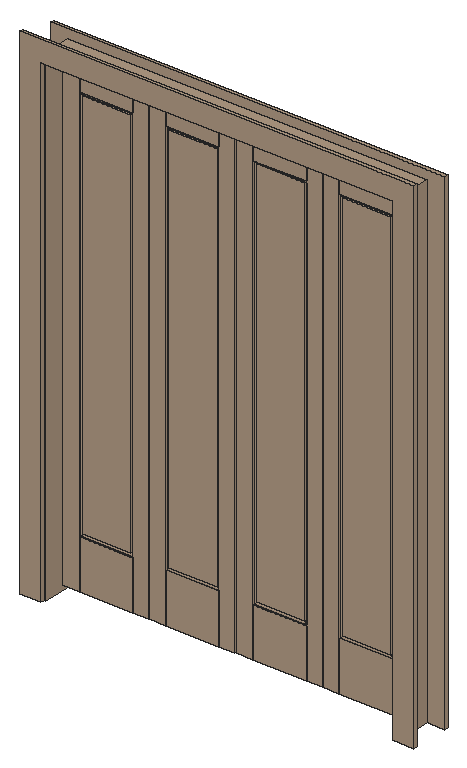
Revit family "SlidingDoor", category Doors, host Wall, Revit 2021
Family settings
  Host = Wall
  OmniClass Number = 23.30.10.17.17.24
  OmniClass Title = Bifold Doors
  Always vertical = Yes
  Cut with Voids When Loaded = No
  Shared = No
  Room Calculation Point = No
Parameters (values of type "Not A Type - Load Type Catalog")
  Youtube clip = ""
  Warranty URL = "http://www.karonadoor.com/pdf/literature/Warranty_.pdf"
  Warranty = "Limited lifetime warranty on all interior doors."  # constant formula
  Visual Light Transmittance = 0
  Uniformat II Description = ""
  Uniformat II Code = ""
  Uniclass 2015 Name = "Doorsets"
  Uniclass 2015 Code = "Pr_30_59_24"
  Uniclass 2.0 Description = "Doorsets"
  Uniclass 2.0 Code = "PR-59-23"
  Uniclass 1.4 Description = "Doors"
  Uniclass 1.4 Code = "JL20"
  URL = "http://www.karonadoor.com/"
  UNSPSC Code = "30171511"
  Trim Width = Trim Offset + Jamb Thickness - Trim Reveal  # 0.092869 m
  Trim Visible = yes
  Trim Reveal = 0.00635 m  # constant formula
  Trim Offset 2 = 0.0381 m + Jamb Thickness - Trim Reveal  # 0.054769 m
  Trim Offset = 0.0762 m
  Trim Material = Wood - Karona - Red Oak
  Top Rail Material = Wood - Karona - Red Oak
  Top Rail Height = 0.0762 m
  Thermal Resistance (R) = 2.1740 (h·ft²·°F)/BTU
  Technical description = "http://www.karonadoor.com/pdf/Architectural.Guide.pdf"
  Support Email = "mailto:bimsupport@jeldwen.com"
  Stile Width = 0.070637 m
  Stile Material = Wood - Karona - Red Oak
  Sticking Offset = if(Square Sticking Profile, 0.00 m, 0.011113 m)  # 0.011113 m
  Sticking Material = Wood - Karona - Red Oak
  Square Sticking Profile = no
  Solar Heat Gain Coefficient = 0
  Slab Width = (Width - 0.023813 m) / 4  # 0.375047 m
  Region South America = "None"
  Region Oceania = "None"
  Region North America = "CA, US"
  Region Middle East = "None"
  Region Europe = "None"
  Region Asia = "None"
  Region Antarctica = "None"
  Region Africa = "None"
  Raised Panel Offset = if(Square Sticking Profile, 0.030163 m, 0.041275 m)  # 0.041275 m
  Raised Panel Door = yes
  QR code = "http://bimobject.com/karona/product/K1020"
  Product url = ""
  Product group = "Panel Doors"
  Product family = "Commercial Products"
  Product data url = "https://bimobject.com/karona/product/K1020"
  Product certification = ""
  Product SKU = "K1020"
  Product Guid = "a243a0c5-d66c-4328-b293-24f8d74b3ef9"
  Pivot Inset 2 = Jamb Offset + Pivot Inset  # 0.086519 m
  Pivot Inset = 0.05715 m
  Panel Half Thickness = Thickness / 2  # 0.022523 m
  Ovolo Sticking Profile = yes
  Operation = "Swing"
  OmniClass Description = "Wood Doors"
  OmniClass Code = "23-17 11 15"
  Ogee Sticking Profile = no
  NBS Reference Description = "Doorsets"
  NBS Reference Code = "59-23"
  Mullion Width = 0.092075 m  # constant formula
  Model = "K1020"  # constant formula
  Mission Sticking Profile = no
  Material secondary = ""
  Material main = "Wood"
  Masterformat 2014 Description = "Bifolding Wood Doors"
  Masterformat 2014 Code = "08 14 76"
  Manufacturer name = "Karona"
  Manufacturer country = "United States"
  Manufacturer = "Karona Door, Inc."  # constant formula
  Keynote = "08 14 76"  # constant formula
  Jamb to Door Gap = 0.00635 m  # constant formula
  Jamb Material = Wood - Karona - Red Oak
  Interior Panel = Wood - Karona - Red Oak
  Installation instructions = "http://www.karonadoor.com/printable_media.php"
  Inset = Panel Half Thickness + 0.01905 m  # 0.041573 m
  IFC Classification = "Door"
  Heat Transfer Coefficient (U) = 0.4600 BTU/(h·ft²·°F)
  Green Product Information = "Available in Certified Wood, No-added Urea, & Recycled"  # constant formula
  Glass Panel Door = no
  Flat Panel Door = no
  Fire Rating Data = "http://www.karonadoor.com/pdf/literature/Fire_Door_Options.pdf"
  Fire Rating = "Available in 20, 45, 60, & 90 minute ratings."  # constant formula
  Edition number = 1
  EAN code = ""
  Door Width [instance] = 1.570037 m
  Door Panel Material = Wood - Karona - Red Oak
  Door Height [instance] = 2.128044 m
  Design country = "United States"
  Description = "Bifold Stile and Rail Wood Door"  # constant formula
  Define Thermal Properties by = Schematic Type
  Date of publishing = ""
  Construction Type = ""
  COBIe Type Category = ""
  Brand url = "http://www.karonadoor.com/"
  Bottom Rail Material = Wood - Karona - Red Oak
  Bottom Rail Height = 0.2159 m
  BIMobject main category code = "doors"
  BIMobject main category = "Doors"
  BIMobject category code = "doors-folding"
  BIMobject category = "Folding"
  Analytic Construction = "Solid core wood"
  Thickness = 0.045045 m
  Stop Thickness = 0.0127 m
  Stop Depth = 0.034925 m
  Sticking Profile Note = "Select only one sticking profile."  # constant formula
  Sizing Statement = "Custom sizes are available."  # constant formula
  Rough Width = Width + 2 * Jamb Thickness  # 1.570038 m
  Rough Height = Height + Jamb Thickness + 0.073025 m  # 2.128044 m
  Rabbet Width = Thickness  # 0.045045 m
  Panel Style Note = "Select only one panel style."  # constant formula
  Jamb Offset = Jamb Thickness + Jamb to Door Gap  # 0.029369 m
  Glass Options Note = "19 styles of glass are available."  # constant formula
  Function = Interior
  Jamb Thickness = 0.023019 m
  Ext. Frame Thickness = 0.015875 m
  Int. Frame Thickness = 0.015875 m
  Height = 2.032 m
  Wall Closure = By host
  Width = 1.524 m
  Fire Door Note = "Available in 20, 45, 60, & 90 minute ratings."  # constant formula
  2nd Panel Spacing = Slab Width / 2 + Panel Half Thickness  # 0.210046 m
Types (4, lengths in m): name | Slab Width | Rough Width | Width | 2nd Panel Spacing
  Not A Type - Load Type Catalog | 0.375047 | 1.570038 | 1.524 | 0.210046
  Not A Type - Load Type Catalog 4 | 0.244047 | 1.046037 | 1.00 | 0.144546
  Not A Type - Load Type Catalog 3 | 0.344047 | 1.446037 | 1.40 | 0.194546
  Not A Type - Load Type Catalog 2 | 0.294047 | 1.246037 | 1.20 | 0.169546
Reference planes (m)
  plane 1 "Center (Front/Back)": y = 0
  plane 2 "Center (Left/Right)": x = 0
  plane 3 "Left": x = -0.785019
  plane 4 "Right": x = 0.785019
  plane 5 "Top": z = 2.128044
  plane 6 "Exterior": y = 0.0762
  plane 7 "Interior": y = -0.0762
  plane 8: y = 0.034627
  plane 9: x = 0.6985
  plane 10: x = -0.6985
  plane 11: x = 0.003175
  plane 12: x = -0.003175
  plane 13: y = 0.012105
  plane 14 "Door Panel Bottom": z = 0.0254
Forms (m)
  Extrusion 1, solid, material "Wood - Karona - Red Oak" <- "Trim Material", visible <- "Trim Visible"
    sketch origin (-2.286, 0.0762, 0) x (-1, 0, 0) y (0, 0, 1)
      loop
        line (-3.147219, 0) -> (-3.05435, 0) -> (-3.05435, 2.073275) -> (-1.51765, 2.073275) -> (-1.51765, 0) -> (-1.424781, 0) -> (-1.424781, 2.166144) -> (-3.147219, 2.166144) -> (-3.147219, 0)
    from 0 to 0.015875
  Extrusion 2, solid, material "Wood - Karona - Red Oak" <- "Trim Material", visible <- "Trim Visible"
    sketch origin (-2.286, -0.0762, 0) x (1, 0, 0) y (0, 0, 1)
      loop
        line (1.424781, 0) -> (1.51765, 0) -> (1.51765, 2.111375) -> (3.05435, 2.111375) -> (3.05435, 0) -> (3.147219, 0) -> (3.147219, 2.204244) -> (1.424781, 2.204244) -> (1.424781, 0)
    from 0 to 0.015875
  Sweep 3, solid, material "Wood - Karona - Red Oak" <- "Jamb Material"
    path origin (-1.524, 0, 0) x (-1, 0, 0) y (0, 0, 1)
      loop
        line (-2.309019, 0) -> (-2.309019, 2.128044) -> (-0.738981, 2.128044) -> (-0.738981, 0)
    profile origin (0.785019, 0, 1.064022) x (1, 0, 0) y (0, 1, 0)
      loop
        line (0, 0.0762) -> (-0.023019, 0.0762) -> (-0.023019, 0.03512) -> (-0.023019, -0.0762) -> (0, -0.0762) -> (0, 0.0762)
  Extrusion 4, solid, material "Wood - Karona - Red Oak" <- "Trim Material"
    sketch origin (0, 0, 0) x (0, 1, 0) y (0, 0, 1)
      loop
        line (0.0762, 2.105025) -> (0.05715, 2.105025) -> (0.05715, 2.066925) -> (0.0762, 2.066925) -> (0.0762, 2.105025)
    from -0.762 to 0.762
Lines and regions (m)
  Opening 1
    outline origin (-2.286, -0.0762, 0) x (1, 0, 0) y (0, 0, 1)
      loop
        line (1.500981, 0) -> (3.071019, 0) -> (3.071019, 2.128044) -> (1.500981, 2.128044) -> (1.500981, 0)
  Masking region 1, detail levels coarse
    outline origin (0, 0, 0) x (1, 0, 0) y (0, 1, 0)
      loop
        line (-0.785019, 0.0762) -> (-0.785019, -0.0762) -> (-0.762, -0.0762) -> (-0.762, 0.0762) -> (-0.785019, 0.0762)
      loop
        line (0.785019, 0.0762) -> (0.762, 0.0762) -> (0.762, -0.0762) -> (0.785019, -0.0762) -> (0.785019, 0.0762)
  Masking region 2, visible <- "Trim Visible", detail levels medium+fine
    outline origin (0, 0, 0) x (1, 0, 0) y (0, 1, 0)
      loop
        line (-0.861219, -0.0762) -> (-0.861219, -0.092075) -> (-0.76835, -0.092075) -> (-0.76835, -0.0762) -> (-0.861219, -0.0762)
      loop
        line (0.76835, 0.092075) -> (0.76835, 0.0762) -> (0.861219, 0.0762) -> (0.861219, 0.092075) -> (0.76835, 0.092075)
      loop
        line (0.76835, -0.0762) -> (0.76835, -0.092075) -> (0.861219, -0.092075) -> (0.861219, -0.0762) -> (0.76835, -0.0762)
      loop
        line (-0.861219, 0.092075) -> (-0.861219, 0.0762) -> (-0.76835, 0.0762) -> (-0.76835, 0.092075) -> (-0.861219, 0.092075)
  Masking region 3, detail levels medium+fine
    outline origin (-0.001191, 0, 0) x (1, 0, 0) y (0, 1, 0)
      loop
        line (0.763191, 0.0762) -> (0.763191, 0.012714) -> (0.763191, -0.0762) -> (0.786209, -0.0762) -> (0.786209, 0.0762) -> (0.763191, 0.0762)
      loop
        line (-0.783828, 0.0762) -> (-0.783828, -0.0762) -> (-0.760809, -0.0762) -> (-0.760809, 0.012398) -> (-0.760809, 0.0762) -> (-0.783828, 0.0762)
  Masking region 4, visible <- "Trim Visible"
    outline origin (0, 0, 0) x (1, 0, 0) y (0, 0, 1)
      loop
        line (0.861219, 0) -> (0.861219, 2.166144) -> (-0.861219, 2.166144) -> (-0.861219, 0) -> (-0.76835, 0) -> (-0.76835, 2.073275) -> (0.76835, 2.073275) -> (0.76835, 0) -> (0.861219, 0)
  Masking region 5
    outline origin (-1.524, 0, 0) x (-1, 0, 0) y (0, 0, 1)
      loop
        line (-2.29235, 2.073275) -> (-2.29235, 0) -> (-0.75565, 0) -> (-0.75565, 2.073275) -> (-2.29235, 2.073275)
  reference lines, not visible
    curve 1: line (0.887376, 0, 2.114029) -> (-0.974762, 0, 2.114029)
    curve 19: line (-0.6985, 0.034627, 0) -> (-0.505424, 0.227703, 0)
    curve 21: line (0.590737, 0.14239, 0) -> (0.6985, 0.034627, 0)
  symbolic lines, detail levels fine
    curve 2: line (0.75565, -0.0762, 0) -> (0.75565, -0.0762, 2.0574)
    curve 3: line (0.75565, -0.0762, 2.0574) -> (-0.75565, -0.0762, 2.0574)
    curve 4: line (-0.75565, -0.0762, 2.0574) -> (-0.75565, -0.0762, 0)
    curve 9: line (0.462366, 0, 0.252425) -> (0.462366, 0, 1.970075)
    curve 10: line (0.673887, 0, 0.252425) -> (0.462366, 0, 0.252425)
    curve 12: line (0.462366, 0, 1.970075) -> (0.673887, 0, 1.970075)
    curve 13: line (0.673887, 0, 1.970075) -> (0.673887, 0, 0.252425)
    curve 27: line (0.084938, 0, 0.252425) -> (0.084938, 0, 1.970075)
    curve 28: line (0.296459, 0, 0.252425) -> (0.084938, 0, 0.252425)
    curve 30: line (0.084938, 0, 1.970075) -> (0.296459, 0, 1.970075)
    curve 31: line (0.296459, 0, 1.970075) -> (0.296459, 0, 0.252425)
    curve 39: line (-0.296459, 0, 0.252425) -> (-0.296459, 0, 1.970075)
    curve 40: line (-0.084938, 0, 0.252425) -> (-0.296459, 0, 0.252425)
    curve 42: line (-0.296459, 0, 1.970075) -> (-0.084938, 0, 1.970075)
    curve 43: line (-0.084938, 0, 1.970075) -> (-0.084938, 0, 0.252425)
    curve 51: line (-0.673887, 0, 0.252425) -> (-0.673887, 0, 1.970075)
    curve 52: line (-0.462366, 0, 0.252425) -> (-0.673887, 0, 0.252425)
    curve 54: line (-0.673887, 0, 1.970075) -> (-0.462366, 0, 1.970075)
    curve 55: line (-0.462366, 0, 1.970075) -> (-0.462366, 0, 0.252425)
    curve 59: line (0.378222, -0.0762, 0.0254) -> (0.378222, -0.0762, 2.0574)
    curve 60: line (-0.378222, -0.0762, 0.0254) -> (-0.378222, -0.0762, 2.0574)
    curve 61: line (0, -0.0762, 0.0254) -> (0, -0.0762, 2.0574)
    curve 62: line (0.75565, -0.0762, 0.0254) -> (-0.75565, -0.0762, 0.0254)
  symbolic lines
    curve 5: line (0.451241, 0, 0.2413) -> (0.451241, 0, 1.9812)
    curve 6: line (0.685013, 0, 0.2413) -> (0.451241, 0, 0.2413)
    curve 11: line (0.685013, 0, 1.9812) -> (0.451241, 0, 1.9812)
    curve 22: line (0.685013, 0, 1.9812) -> (0.685013, 0, 0.2413)
    curve 23: line (0.073812, 0, 0.2413) -> (0.073812, 0, 1.9812)
    curve 24: line (0.307584, 0, 0.2413) -> (0.073812, 0, 0.2413)
    curve 29: line (0.307584, 0, 1.9812) -> (0.073812, 0, 1.9812)
    curve 34: line (0.307584, 0, 1.9812) -> (0.307584, 0, 0.2413)
    curve 35: line (-0.307584, 0, 0.2413) -> (-0.307584, 0, 1.9812)
    curve 36: line (-0.073812, 0, 0.2413) -> (-0.307584, 0, 0.2413)
    curve 41: line (-0.073812, 0, 1.9812) -> (-0.307584, 0, 1.9812)
    curve 46: line (-0.073812, 0, 1.9812) -> (-0.073812, 0, 0.2413)
    curve 47: line (-0.685013, 0, 0.2413) -> (-0.685013, 0, 1.9812)
    curve 48: line (-0.451241, 0, 0.2413) -> (-0.685013, 0, 0.2413)
    curve 53: line (-0.451241, 0, 1.9812) -> (-0.685013, 0, 1.9812)
    curve 58: line (-0.451241, 0, 1.9812) -> (-0.451241, 0, 0.2413)
  symbolic lines, visible <- "Raised Panel Door", detail levels medium+fine
    curve 7: line (0.491675, 0, 0.281734) -> (0.491675, 0, 1.940766)
    curve 8: line (0.644578, 0, 0.281734) -> (0.491675, 0, 0.281734)
    curve 14: line (0.491675, 0, 1.940766) -> (0.644578, 0, 1.940766)
    curve 15: line (0.644578, 0, 1.940766) -> (0.644578, 0, 0.281734)
    curve 25: line (0.114247, 0, 0.281734) -> (0.114247, 0, 1.940766)
    curve 26: line (0.26715, 0, 0.281734) -> (0.114247, 0, 0.281734)
    curve 32: line (0.114247, 0, 1.940766) -> (0.26715, 0, 1.940766)
    curve 33: line (0.26715, 0, 1.940766) -> (0.26715, 0, 0.281734)
    curve 37: line (-0.26715, 0, 0.281734) -> (-0.26715, 0, 1.940766)
    curve 38: line (-0.114247, 0, 0.281734) -> (-0.26715, 0, 0.281734)
    curve 44: line (-0.26715, 0, 1.940766) -> (-0.114247, 0, 1.940766)
    curve 45: line (-0.114247, 0, 1.940766) -> (-0.114247, 0, 0.281734)
    curve 49: line (-0.644578, 0, 0.281734) -> (-0.644578, 0, 1.940766)
    curve 50: line (-0.491675, 0, 0.281734) -> (-0.644578, 0, 0.281734)
    curve 56: line (-0.644578, 0, 1.940766) -> (-0.491675, 0, 1.940766)
    curve 57: line (-0.491675, 0, 1.940766) -> (-0.491675, 0, 0.281734)
  reference lines
    curve 16: line (0, -0.699573, 0) -> (0, -0.663556, 0)
    curve 17: line (0, -0.699573, 0) -> (0, -0.663556, 0)
    curve 18: line (-0.708793, 0.069595, 2.128044) -> (-0.708793, 0.006095, 2.128044)
    curve 20: line (1.0414, -0.420173, 0) -> (1.0414, -0.384156, 0)
    curve 66: line (-0.785019, 0.0762, 2.128044) -> (-0.785019, -0.7958, 2.128044)
    curve 67: line (-0.785019, 0.0762, 2.128044) -> (-0.785019, -0.8538, 2.128044)
    curve 68: line (-0.785019, 0, 2.128044) -> (0.785019, 0, 2.128044)
    curve 69: line (-0.861219, 0, 2.166144) -> (-0.861219, 0, -0.189856)
    curve 70: line (-0.861219, 0, -0.189856) -> (-0.861219, 0, 2.554144)
  symbolic lines, detail levels coarse+medium
    curve 63: line (0.378222, 0, 2.073275) -> (0.378222, 0, 0)
    curve 64: line (0, 0, 2.073275) -> (0, 0, 0)
    curve 65: line (-0.378222, 0, 2.073275) -> (-0.378222, 0, 0)
Text (m)
  text "Exterior" at (-1.90417, 0.693701, 0), in view "Ref. Level"
  text "Interior" at (-1.90417, -0.638649, 0), in view "Ref. Level"
  text "Exterior" at (0, 1.019848, 3.124603), in view "Right"
  text "Interior" at (0, -1.635541, 3.124603), in view "Right"
  text "Interior" at (0, -0.787806, 3.124376), in view "Left"
  text "Exterior" at (0, 1.386095, 3.124376), in view "Left"
Dimensions and locks (m)
  equal spacing: plane 3 "Left", plane 2 "Center (Left/Right)", plane 4 "Right"
  "Door Height": level to plane 5 "Top"
  host wall to plane 5 "Top" = 2.128044 m
  "Int. Frame Thickness": Extrusion 2 to host wall
  "Ext. Frame Thickness": Extrusion 1 to host wall
  "Door Width": plane 3 "Left" to plane 4 "Right"
  "Trim Width": Extrusion 1 sketch curve to Extrusion 1 sketch curve  (x3)
  "Trim Offset": plane 3 "Left" to Extrusion 1 sketch curve
  "Trim Offset": plane 4 "Right" to Extrusion 1 sketch curve
  "Trim Width": Extrusion 2 sketch curve to Extrusion 2 sketch curve  (x3)
  "Trim Offset": plane 3 "Left" to Extrusion 2 sketch curve
  "Trim Offset": plane 4 "Right" to Extrusion 2 sketch curve
  "Jamb Thickness": Sweep 3 sketch curve to profile plane
  "Inset": plane 8 to plane 6 "Exterior"
  "Pivot Inset 2": plane 9 to plane 4 "Right"
  "Pivot Inset 2": plane 3 "Left" to plane 10
  "Width": Sweep 3 to Sweep 3
  "Panel Half Thickness": plane 8 to plane 13
  "Jamb to Door Gap": nested 2 to Sweep 3
  "Jamb to Door Gap": Sweep 3 to nested 1
  equal spacing: plane 12, plane 2 "Center (Left/Right)", plane 11, locked at 0.003175 each
  locked: plane 14 "Door Panel Bottom" to level at 0.0254
  "Trim Offset 2": plane 5 "Top" to Masking region 4 sketch curve
  "Trim Width": Masking region 4 sketch curve to Masking region 4 sketch curve
  "Trim Offset 2": Extrusion 1 sketch curve to Sweep 3
  "Trim Offset": plane 5 "Top" to Extrusion 2 sketch curve
  locked: Extrusion 4 sketch curve to Sweep 3 at 0.0381
  locked: Extrusion 4 sketch curve to Extrusion 4 sketch curve at 0.01905
  "2nd Panel Spacing": nested 7 to nested 5  (x2)
  "2nd Panel Spacing": nested 8 to nested 6
  "2nd Panel Spacing": nested 6 to nested 8
  Extrusion 1 to Extrusion 1 = 1.722437 m
  locked: plane 8 to curve 19 (angle 45.00°)
  locked: curve 21 to plane 8 (angle 45.00°)
  aligned and locked: plane 3 "Left" to Opening 1 sketch curve
  aligned and locked: plane 5 "Top" to Opening 1 sketch curve  (x2)
  aligned and locked: Opening 1 sketch curve to plane 4 "Right"
  aligned and locked: Opening 1 sketch curve to level
  aligned and locked: Extrusion 1 to host wall
  aligned and locked: Extrusion 2 to host wall
  aligned and locked: plane 6 "Exterior" to host wall
  aligned and locked: plane 7 "Interior" to host wall
  aligned and locked: level to Extrusion 1 sketch curve  (x2)
  aligned and locked: level to Extrusion 2 sketch curve  (x2)
  aligned and locked: Masking region 1 sketch curve to host wall  (x4)
  aligned and locked: host wall to Masking region 1 sketch curve  (x2)
  aligned and locked: Masking region 2 sketch curve to Extrusion 2  (x7)
  aligned and locked: Masking region 2 sketch curve to Extrusion 1  (x7)
  aligned and locked: host wall to Masking region 2 sketch curve  (x2)
  aligned and locked: Masking region 3 sketch curve to host wall
  aligned and locked: Masking region 3 sketch curve to Masking region 1  (x2)
  aligned and locked: Masking region 4 sketch curve to Extrusion 1  (x4)
  aligned and locked: Extrusion 1 to Masking region 4 sketch curve  (x2)
  aligned and locked: plane 4 "Right" to Sweep 3 sketch curve
  aligned and locked: plane 5 "Top" to Sweep 3 sketch curve
  aligned and locked: Sweep 3 sketch curve to plane 3 "Left"
  aligned and locked: Sweep 3 sketch curve to host wall
  aligned and locked: host wall to Sweep 3 sketch curve
  aligned and locked: plane 3 "Left" to Masking region 3
  aligned and locked: Sweep 3 sketch curve to plane 6 "Exterior"
  aligned and locked: Masking region 3 sketch curve to Masking region 3 sketch curve  (x2)
  aligned and locked: Masking region 3 sketch curve to plane 4 "Right"
  aligned and locked: Masking region 3 to Masking region 1  (x2)
  aligned and locked: Masking region 1 to Sweep 3
  aligned and locked: Masking region 3 to host wall
  aligned and locked: plane 3 "Left" to Masking region 1
  aligned and locked: Sweep 3 to Masking region 3
  aligned and locked: Masking region 3 to plane 4 "Right"
  aligned and locked: host wall to Masking region 3  (x3)
  aligned and locked: Masking region 3 to plane 6 "Exterior"
  aligned and locked: plane 7 "Interior" to Masking region 3
  aligned and locked: Masking region 3 to Sweep 3
  aligned and locked: nested 5 to curve 19  (x2)
  aligned and locked: plane 9 to curve 21
  aligned and locked: plane 8 to curve 21
  aligned and locked: nested 6 to curve 21  (x2)
  aligned and locked: nested 4 to plane 11
  aligned and locked: nested 3 to plane 12
  aligned and locked: plane 13 to nested 4
  aligned and locked: nested 2 to plane 13
  aligned and locked: nested 3 to plane 13
  aligned and locked: nested 3 to plane 14 "Door Panel Bottom"
  aligned and locked: plane 14 "Door Panel Bottom" to nested 4
  aligned and locked: plane 14 "Door Panel Bottom" to nested 1
  aligned and locked: Extrusion 4 sketch curve to Sweep 3
  aligned and locked: Sweep 3 to Extrusion 4 sketch curve
  aligned and locked: plane 13 to nested 1
  aligned and locked: Extrusion 4 to Sweep 3  (x2)
  aligned and locked: Extrusion 1 to Masking region 5 sketch curve
  aligned and locked: Masking region 5 to Extrusion 1
  aligned and locked: nested 2 to plane 14 "Door Panel Bottom"
  aligned and locked: curve 10 to nested 2
  aligned and locked: curve 6 to nested 2
  aligned and locked: curve 12 to nested 2
  aligned and locked: curve 9 to nested 2
  aligned and locked: nested 2 to curve 5
  aligned and locked: nested 2 to curve 22
  aligned and locked: Masking region 5 sketch curve to Extrusion 1
  aligned and locked: curve 11 to curve 29
  aligned and locked: curve 11 to curve 41
  aligned and locked: curve 11 to curve 53
  aligned and locked: curve 30 to curve 12
  aligned and locked: curve 42 to curve 12
  aligned and locked: curve 54 to curve 12
  aligned and locked: curve 32 to curve 14
  aligned and locked: curve 44 to curve 14
  aligned and locked: curve 56 to curve 14
  aligned and locked: curve 8 to curve 26
  aligned and locked: curve 8 to curve 38
  aligned and locked: curve 8 to curve 50
  aligned and locked: curve 10 to curve 28
  aligned and locked: curve 10 to curve 40
  aligned and locked: curve 10 to curve 52
  aligned and locked: curve 6 to curve 24
  aligned and locked: curve 6 to curve 36
  aligned and locked: curve 6 to curve 48
  aligned and locked: curve 31 to nested 4
  aligned and locked: curve 34 to nested 4
  aligned and locked: curve 23 to nested 4
  aligned and locked: curve 27 to nested 4
  aligned and locked: curve 46 to nested 3
  aligned and locked: curve 43 to nested 3
  aligned and locked: curve 35 to nested 3
  aligned and locked: curve 39 to nested 3
  aligned and locked: curve 58 to nested 1
  aligned and locked: curve 55 to nested 1
  aligned and locked: nested 1 to curve 47
  aligned and locked: curve 51 to nested 1
  aligned and locked: plane 14 "Door Panel Bottom" to curve 59
  aligned and locked: nested 2 to curve 3
  aligned and locked: curve 2 to nested 2
  aligned and locked: curve 4 to nested 1
  aligned and locked: curve 60 to nested 3
  aligned and locked: curve 61 to plane 2 "Center (Left/Right)"
  aligned and locked: curve 59 to nested 4
  aligned and locked: plane 14 "Door Panel Bottom" to curve 61
  aligned and locked: curve 11 to nested 2
  aligned and locked: curve 13 to nested 2
  aligned and locked: level to curve 63
  aligned and locked: Extrusion 1 to curve 63
  aligned and locked: curve 63 to curve 59
  aligned and locked: curve 64 to curve 61
  aligned and locked: curve 65 to curve 60
Automatic sketch dimensions
  plane 5 "Top" to curve 1 = 0.014015 m
  plane 3 "Left" to curve 1 = 0.189743 m
  curve 1 to plane 4 "Right" = 0.102357 m
  Sweep 3 sketch curve to level = 0.00 m  (x2)
  curve 17 to plane 2 "Center (Left/Right)" = 0.00 m  (x2)
  curve 16 to plane 2 "Center (Left/Right)" = 0.00 m  (x2)
  curve 16 to curve 17 = 0.00 m  (x2)
  curve 17 to curve 17 = 0.025467 m
  curve 16 to curve 20 = 0.908479 m
  curve 20 to curve 20 = 0.025467 m  (x2)
  curve 20 to curve 17 = 0.538815 m
  Masking region 1 sketch curve to Masking region 1 sketch curve = 0.023019 m
  plane 4 "Right" to Masking region 1 sketch curve = 0.023019 m
  Masking region 3 sketch curve to plane 3 "Left" = 0.00 m
  host wall to Masking region 3 sketch curve = 0.00 m
  Masking region 3 sketch curve to host wall = 0.00 m
  curve 19 to plane 8 = 0.00 m
  curve 19 to plane 10 = 0.00 m
  Masking region 3 sketch curve to Masking region 3 sketch curve = 0.023019 m
  Masking region 3 sketch curve to plane 8 = 0.02223 m
  Masking region 3 sketch curve to plane 8 = 0.021914 m
  Masking region 5 sketch curve to level = 0.00 m
  plane 4 "Right" to Masking region 5 sketch curve = 0.016669 m
  curve 4 to level = 0.00 m
  curve 2 to level = 0.00 m
  host wall to curve 17 = 0.623373 m
  curve 64 to level = 0.00 m
  plane 5 "Top" to curve 64 = 0.054769 m
  curve 65 to level = 0.00 m
  plane 5 "Top" to curve 65 = 0.054769 m
  curve 12 to curve 15 = 0.029309 m
  curve 14 to curve 9 = 0.029309 m
  curve 30 to curve 32 = 0.029309 m
  curve 25 to curve 27 = 0.029309 m
  curve 42 to curve 44 = 0.029309 m
  curve 37 to curve 39 = 0.029309 m
  curve 54 to curve 56 = 0.029309 m
  curve 49 to curve 51 = 0.029309 m
  curve 52 to curve 57 = 0.029309 m
  curve 7 to curve 9 = 0.029309 m
  curve 67 to host wall = 0.00 m
  curve 66 to host wall = 0.00 m
  host wall to curve 68 = 0.00 m
  curve 67 to plane 3 "Left" = 0.00 m
  curve 68 to plane 3 "Left" = 0.00 m
  curve 68 to plane 4 "Right" = 0.00 m
  curve 18 to host wall = 0.006605 m
  curve 18 to plane 13 = 0.00601 m
  host wall to curve 66 = 0.7196 m
  curve 66 to curve 67 = 0.058 m
  curve 18 to plane 10 = 0.010293 m
  plane 3 "Left" to curve 69 = 0.0762 m
  curve 69 to level = 0.189856 m
  curve 69 to plane 5 "Top" = 0.0381 m
  curve 69 to curve 70 = 0.388 m
  profile plane to Sweep 3 sketch curve = 0.03512 m
Nested families (m)
  nested 1: "Panel_K1020_Karona" at (-0.225227, 0.000916, 0.0254), type "K1020"
  nested 2: "Panel_K1020_Karona" at (0.225227, 0.000916, 0.0254) x (-1, 0, 0) z (0, 0, 1), type "K1020"
  nested 3: "Panel_K1020_Karona" at (-0.533598, 0.000916, 0.0254) x (-1, 0, 0) z (0, 0, 1), type "K1020"
  nested 4: "Panel_K1020_Karona" at (0.533598, 0.000916, 0.0254), type "K1020"
  nested 5: "Standard Millwork-Section" at (-0.754837, 0.010142, 0) x (0.7071, -0.7071, 0) z (0, 0, 1), type "1x10"
  nested 6: "Standard Millwork-Section" at (0.754837, 0.010142, 0) x (-0.7071, -0.7071, 0) z (0, 0, 1), type "1x10"
  nested 7: "Standard Millwork-Section" at (-0.425935, 0.27534, 0) x (-0.7071, -0.7071, 0) z (0, 0, 1), type "1x10"
  nested 8: "Standard Millwork-Section" at (0.425935, 0.27534, 0) x (0.7071, -0.7071, 0) z (0, 0, 1), type "1x10"
Definition of nested family "Panel_K1020_Karona"
  Parameters (values of type "K1020")
    Width = 0.375047 m
    Top Rail Material = none
    Top Rail Height = 0.0762 m  # constant formula
    Top Panel Offset = 0.377825 m
    Thickness = 0.045045 m
    Stile Width = 0.070637 m  # constant formula
    Stile Material = none
    Sticking Material = none
    Square Sticking Profile = no
    Square Sticking Offset = if(Square Sticking Profile, 0.022225 m, 0.00 m)  # 0.00 m
    Raised Panel Door = yes
    Panel Width = Width - (2 * Stile Width)  # 0.233772 m
    Panel Height = Height - Top Rail Height - Bottom Rail Height  # 1.7399 m
    Ovolo Sticking Profile = yes
    Ogee Sticking Profile = no
    Mission Sticking Profile = no
    Interior Panel = none
    Height = 2.032 m
    Glass Panel Door = no
    Flex Panel Width = Panel Width + Square Sticking Offset  # 0.233772 m
    Flex Panel Height = Panel Height + Square Sticking Offset  # 1.7399 m
    Flat Panel Door = no
    Exterior Edge - Glass Bottom Offset = if(Thickness = 0.04506 m, 0.014402 m, if(Thickness = 0.05715 m, 0.020396 m, 0.011913 m))  # 0.011913 m
    Door Panel Material = none
    Define Thermal Properties by = 1
    Default Elevation = 0.00 m  # constant formula
    Bottom Rail Material = none
    Bottom Rail Height = 0.2159 m
    Assembly Code = ""
    Analytic Construction = "<None>"
  Reference planes (m)
    plane 1 "Center (Front/Back)": y = 0.033711
    plane 2: z = 0
    plane 3 "Center (Left/Right)": x = -0.3429
    plane 4 "Left": x = -0.530423
    plane 5: x = -0.155377
    plane 6 "Inner Left": x = -0.459786
    plane 7 "Inner Right": x = -0.226014
    plane 8 "Bottom Of Top Rail": z = 1.9558
    plane 9 "Top": z = 2.032
    plane 10 "Interior Edge of Door": y = 0.056234
    plane 11: z = 1.9558
    plane 12 "Exterior Edge of Door": y = 0.011189
    plane 13 "Bottom of Glass": y = 0.023101
    plane 14 "Left Panel Vertical Midline": x = -0.3429
    plane 15: z = 1.9558
    plane 16: z = 0.2159
    plane 17: z = 1.08585
  Forms (m)
    Extrusion 1, solid, material <- "Bottom Rail Material"
      sketch origin (0, -2.573337, 0) x (1, 0, 0) y (0, 0, 1)
        loop
          line (-0.459786, 0) -> (-0.226014, 0) -> (-0.226014, 0.2159) -> (-0.459786, 0.2159) -> (-0.459786, 0)
      from -2.629572 to -2.584526
    Extrusion 2, solid, material <- "Stile Material"
      sketch origin (0, 0.033711, 0) x (1, 0, 0) y (0, 0, 1)
        loop
          line (-0.530423, 2.032) -> (-0.530423, 0) -> (-0.459786, 0) -> (-0.459786, 2.032) -> (-0.530423, 2.032)
        loop
          line (-0.226014, 0) -> (-0.155377, 0) -> (-0.155377, 2.032) -> (-0.226014, 2.032) -> (-0.226014, 0)
      from -0.022523 to 0.022523
    Extrusion 3, solid, material <- "Top Rail Material"
      sketch origin (0, 0.033711, 0) x (1, 0, 0) y (0, 0, 1)
        loop
          line (-0.459786, 2.032) -> (-0.459786, 1.9558) -> (-0.226014, 1.9558) -> (-0.226014, 2.032) -> (-0.459786, 2.032)
      from -0.022523 to 0.022523
  Text (m)
    text "EXTERIOR" at (-0.878659, -0.032497, 0), in view "Ref. Level"
    text "EXTERIOR" at (0, -0.245183, 1.848279), in view "Left"
    text "EXTERIOR" at (0, -0.846702, 2.455691), in view "Right"
  Dimensions and locks (m)
    equal spacing: plane 4 "Left", plane 3 "Center (Left/Right)", plane 5
    "Width": plane 4 "Left" to plane 5
    "Stile Width": plane 4 "Left" to plane 6 "Inner Left"
    "Stile Width": plane 5 to plane 7 "Inner Right"
    "Top Rail Height": plane 9 "Top" to plane 8 "Bottom Of Top Rail"
    "Height": plane 9 "Top" to plane 2
    equal spacing: plane 10 "Interior Edge of Door", plane 1 "Center (Front/Back)", plane 12 "Exterior Edge of Door"
    "Thickness": plane 10 "Interior Edge of Door" to plane 12 "Exterior Edge of Door"
    "Exterior Edge - Glass Bottom Offset": plane 13 "Bottom of Glass" to plane 12 "Exterior Edge of Door"
    "Exterior Edge - Glass Bottom Offset": plane 12 "Exterior Edge of Door" to plane 13 "Bottom of Glass"
    "Bottom Rail Height": plane 16 to level
    equal spacing: plane 15, plane 17, plane 16
    "Panel Height": plane 15 to plane 16
    aligned and locked: Extrusion 1 to plane 2
    aligned and locked: plane 10 "Interior Edge of Door" to Extrusion 1
    aligned and locked: plane 4 "Left" to Extrusion 2 sketch curve
    aligned and locked: Extrusion 2 sketch curve to plane 9 "Top"
    aligned and locked: Extrusion 2 sketch curve to Extrusion 1  (x3)
    aligned and locked: Extrusion 1 to Extrusion 2 sketch curve
    aligned and locked: plane 9 "Top" to Extrusion 2 sketch curve
    aligned and locked: plane 5 to Extrusion 2 sketch curve
    aligned and locked: plane 10 "Interior Edge of Door" to Extrusion 2
    aligned and locked: Extrusion 2 to Extrusion 3 sketch curve
    aligned and locked: Extrusion 3 sketch curve to Extrusion 2
    aligned and locked: plane 10 "Interior Edge of Door" to Extrusion 3
    aligned and locked: plane 11 to plane 8 "Bottom Of Top Rail"
    aligned and locked: level to plane 2
    aligned and locked: Extrusion 3 to plane 12 "Exterior Edge of Door"
    aligned and locked: Extrusion 3 to plane 10 "Interior Edge of Door"
    aligned and locked: Extrusion 2 to plane 12 "Exterior Edge of Door"
    aligned and locked: Extrusion 3 to plane 11
    aligned and locked: Extrusion 1 to Extrusion 2
    aligned and locked: nested 1 to plane 1 "Center (Front/Back)"
    aligned and locked: nested 1 to plane 14 "Left Panel Vertical Midline"
    aligned and locked: plane 16 to Extrusion 1
    aligned and locked: plane 17 to nested 1
  Automatic sketch dimensions
    Extrusion 1 sketch curve to plane 6 "Inner Left" = 0.00 m
    Extrusion 1 sketch curve to plane 7 "Inner Right" = 0.00 m
    Extrusion 1 sketch curve to level = 0.00 m
    Extrusion 3 sketch curve to plane 7 "Inner Right" = 0.00 m
    plane 8 "Bottom Of Top Rail" to Extrusion 3 sketch curve = 0.00 m
    level to Extrusion 1 sketch curve = 0.2159 m
  Nested families (m)
    nested 1: "Panel-Sticking-Assembly2015" at (-0.354806, 0.037541, 0.2159), Width <- "Flex Panel Width", Height <- "Flex Panel Height", type "Raised Panel"
      with Width 0.233772 m, Height 1.7399 m
  Definition of nested family "Panel-Sticking-Assembly2015"
    Parameters (values of type "Raised Panel")
      Width [instance] = 0.1016 m
      Vertical Profile Offset = if(Glass Panel, 0.012014 m, 0.00127 m)  # 0.00127 m
      Stop Adjustment = if(and(not(Glass Panel), Door Thickness > 0.044958 m), 0.01303 m, if((Glass Panel), 0.003175 m, 0.006934 m))  # 0.01303 m
      Profile = none
      Ovolo Sticking Profile = yes
      Ogee Sticking Profile = no
      Mission Sticking Profile = no
      Height [instance] = 0.1016 m
      Raised Panel = yes
      Interior Panel = none
      Glass Panel = no
      Flat Panel = no
      Door Thickness = 0.045045 m
      Default Elevation = 0.00 m
      C = if(and(Door Thickness > 0.044958 m, Door Thickness < 0.05715 m), 0.005004 m, if(Door Thickness = 0.05715 m, 0.0111 m, 0.002692 m))  # 0.005004 m
      B = if(and(Door Thickness > 0.044958 m, Door Thickness < 0.05715 m), 0.014402 m, if(Door Thickness = 0.05715 m, 0.020396 m, 0.011913 m))  # 0.014402 m
      Assembly Code = ""
      A = if(and(Door Thickness > 0.044958 m, Door Thickness < 0.05715 m), 0.004953 m, if(Door Thickness = 0.05715 m, 0.010947 m, 0.002743 m))  # 0.004953 m
    Reference planes (m)
      plane 1 "Stop Adjustment Edge": y = -0.008776
      plane 2: z = 0
      plane 3 "Center (Left/Right)": x = 0.011906
      plane 4 "Back": y = 0.018693
      plane 5 "Front": y = -0.026352
      plane 6 "Left": x = -0.038894
      plane 7 "Right": x = 0.062706
      plane 8 "Top": z = 0.1016
      plane 9 "Center (Up/Down)": z = 0.0508
      plane 10 "Bottom of Stop": y = 0.004255
      plane 11 "Bottom of Glass": y = -0.011951
      plane 12 "Right Edge of Glass": x = 0.061436
      plane 13 "Left Edge of Glass": x = -0.037624
      plane 14 "Top Edge of Glass": z = 0.099219
      plane 15 "Bottom Edge of Glass": z = 0.002381
      plane 16: x = 0.059531
      plane 17 "A": y = -0.021399
      plane 18 "C": y = 0.013689
      plane 19 "Bottom Cut Line": z = 0.011125
      plane 20 "Top Cut Line": z = 0.090475
      plane 21 "Cut Vertical Left": x = -0.027769
      plane 22 "Cut Vertical": x = 0.051581
      plane 23 "Center (Front/Back)": y = -0.00383
    Forms (m)
      Sweep 1, solid, material <- "Profile", visible <- "Ovolo Sticking Profile"
        path origin (0, -0.008776, 0) x (1, 0, 0) y (0, 0, 1)
          loop
            line (0.062706, 0.1016) -> (-0.038894, 0.1016) -> (-0.038894, 0) -> (0.062706, 0) -> (0.062706, 0.1016)
        profile origin (0.062706, -0.008776, 0.0508) x (0, -1, 0) y (1, 0, 0)
          loop
            line (-0.022465, 0) -> (-0.022465, -0.002235)
            arc (-0.022465, -0.002235) -> (-0.020127, -0.008257) -> (-0.01434, -0.011125) r 0.008926
            line (-0.01434, -0.011125) -> (-0.01303, -0.011125) -> (-0.01303, -0.00127) -> (0.003175, -0.00127) -> (0.003175, -0.011325)
            arc (0.003175, -0.011325) -> (0.010192, -0.007602) -> (0.012497, 0) r 0.01034
            line (0.012497, 0) -> (-0.022465, 0)
      Extrusion 2, solid, material <- "Interior Panel", visible <- "Flat Panel"
        sketch origin (0, 0, 0) x (1, 0, 0) y (0, 1, 0)
          loop
            line (-0.037624, 0.004255) -> (-0.037624, -0.011951) -> (0.061436, -0.011951) -> (0.061436, 0.004255) -> (-0.037624, 0.004255)
        from 0.002381 to 0.099219
      Extrusion 3, solid, material <- "Profile", visible <- "Raised Panel"
        sketch origin (0, 0, 0) x (1, 0, 0) y (0, 1, 0)
          loop
            line (0.051581, 0.004255) -> (0.051581, 0.013689) -> (-0.027769, 0.013689) -> (-0.027769, 0.004255) -> (0.051581, 0.004255)
          loop
            line (-0.027769, -0.011951) -> (-0.027769, -0.021399) -> (0.051581, -0.021399) -> (0.051581, -0.011951) -> (-0.027769, -0.011951)
        from 0.011125 to 0.090475
      Sweep 4, solid, material <- "Profile", visible <- "Mission Sticking Profile"
        path in 3D
          loop
            line (0.062706, 0.007328, 0) -> (-0.038894, 0.007328, 0) -> (-0.038894, 0.007328, 0.1016) -> (0.062706, 0.007328, 0.1016) -> (0.062706, 0.007328, 0)
        profile origin (0.062706, 0.007328, 0.0508) x (1, 0, 0) y (0, 1, 0)
          loop
            line (0, 0.006361) -> (-0.011125, 0.006361) -> (-0.011125, -0.003073) -> (-0.00127, -0.003073) -> (-0.00127, -0.019279) -> (-0.011125, -0.019279) -> (-0.011125, -0.028727) -> (0, -0.028727) -> (0, 0.006361)
      Sweep 5, solid, material <- "Profile", visible <- "Ogee Sticking Profile"
        path in 3D
          loop
            line (-0.038894, -0.021399, 0.1016) -> (0.062706, -0.021399, 0.1016) -> (0.062706, -0.021399, 0) -> (-0.038894, -0.021399, 0) -> (-0.038894, -0.021399, 0.1016)
        profile origin (-0.038894, -0.021399, 0.0508) x (0, 1, 0) y (-1, 0, 0)
          loop
            line (0.025654, -0.011125) -> (0.028739, -0.011125) -> (0.028739, -0.00795) -> (0.030146, -0.00795)
            arc (0.030146, -0.00795) -> (0.033641, -0.006502) -> (0.035089, -0.003007) r 0.004943
            line (0.035089, -0.003007) -> (0.035089, 0) -> (0, 0) -> (0, -0.003007)
            arc (0, -0.003007) -> (0.001448, -0.006502) -> (0.004943, -0.00795) r 0.004943
            line (0.004943, -0.00795) -> (0.00635, -0.00795) -> (0.00635, -0.011125) -> (0.009449, -0.011125) -> (0.009449, -0.00127) -> (0.025654, -0.00127) -> (0.025654, -0.011125)
      Extrusion 6, solid, visible <- "Glass Panel"
        sketch origin (0, 0, 0) x (1, 0, 0) y (0, 1, 0)
          loop
            line (-0.037624, 0.004255) -> (-0.037624, -0.011951) -> (0.061436, -0.011951) -> (0.061436, 0.004255) -> (-0.037624, 0.004255)
        from 0.002381 to 0.099219
    Lines and regions (m)
      sketch lines
        curve 1: line (0.062706, 0.007328, 0.1016) -> (0.062706, 0.007328, 0)
        curve 2: line (-0.038894, 0.007328, 0.1016) -> (0.062706, 0.007328, 0.1016)
        curve 3: line (-0.038894, 0.007328, 0) -> (-0.038894, 0.007328, 0.1016)
        curve 4: line (0.062706, 0.007328, 0) -> (-0.038894, 0.007328, 0)
        curve 5: line (-0.038894, -0.021399, 0) -> (-0.038894, -0.021399, 0.1016)
        curve 6: line (0.062706, -0.021399, 0) -> (-0.038894, -0.021399, 0)
        curve 7: line (0.062706, -0.021399, 0.1016) -> (0.062706, -0.021399, 0)
        curve 8: line (-0.038894, -0.021399, 0.1016) -> (0.062706, -0.021399, 0.1016)
    Text (m)
      text "INTERIOR" at (-0.365222, 0.088866, 0), in view "Ref. Level"
    Dimensions and locks (m)
      equal spacing: plane 6 "Left", plane 3 "Center (Left/Right)", plane 7 "Right"
      "Width": plane 6 "Left" to plane 7 "Right"
      "Door Thickness": plane 4 "Back" to plane 5 "Front"
      "Height": plane 8 "Top" to plane 2
      equal spacing: plane 8 "Top", plane 9 "Center (Up/Down)", level
      locked: plane 1 "Stop Adjustment Edge" to plane 11 "Bottom of Glass" at 0.003175
      "Stop Adjustment": plane 10 "Bottom of Stop" to plane 1 "Stop Adjustment Edge"
      locked: plane 12 "Right Edge of Glass" to plane 7 "Right" at 0.00127
      locked: plane 8 "Top" to plane 14 "Top Edge of Glass" at 0.002381
      locked: plane 15 "Bottom Edge of Glass" to level at 0.002381
      locked: plane 6 "Left" to plane 13 "Left Edge of Glass" at 0.00127
      "B": plane 5 "Front" to plane 11 "Bottom of Glass"
      locked: plane 16 to plane 7 "Right" at 0.003175
      "A": plane 5 "Front" to plane 17 "A"
      "C": plane 18 "C" to plane 4 "Back"
      plane 4 "Back" to Sweep 1 = 0.014438 m
      locked: plane 19 "Bottom Cut Line" to level at 0.011125
      locked: plane 8 "Top" to plane 20 "Top Cut Line" at 0.011125
      locked: plane 6 "Left" to plane 21 "Cut Vertical Left" at 0.011125
      locked: plane 22 "Cut Vertical" to plane 7 "Right" at 0.011125
      equal spacing: plane 4 "Back", plane 23 "Center (Front/Back)", plane 5 "Front"
      Sweep 5 sketch curve to Sweep 5 sketch curve = 0.003175 m  (x2)
      Sweep 5 sketch curve to Sweep 5 sketch curve = 0.00635 m  (x2)
      radius of Sweep 1 sketch curve = 0.008926 m
      radius of Sweep 5 sketch curve = 0.004943 m  (x2)
      aligned and locked: Sweep 1 sketch curve to plane 7 "Right"
      aligned and locked: Sweep 1 sketch curve to plane 8 "Top"
      aligned and locked: Sweep 1 sketch curve to plane 6 "Left"
      aligned and locked: Sweep 1 sketch curve to level
      aligned and locked: plane 10 "Bottom of Stop" to Sweep 1 sketch curve
      aligned and locked: plane 11 "Bottom of Glass" to Sweep 1 sketch curve
      aligned and locked: Extrusion 2 sketch curve to plane 13 "Left Edge of Glass"
      aligned and locked: Extrusion 2 sketch curve to plane 10 "Bottom of Stop"
      aligned and locked: Extrusion 2 sketch curve to plane 11 "Bottom of Glass"
      aligned and locked: Extrusion 2 sketch curve to plane 12 "Right Edge of Glass"
      aligned and locked: plane 14 "Top Edge of Glass" to Extrusion 2
      aligned and locked: Extrusion 2 to plane 15 "Bottom Edge of Glass"
      aligned and locked: Extrusion 3 sketch curve to plane 11 "Bottom of Glass"
      aligned and locked: Extrusion 3 sketch curve to plane 17 "A"
      aligned and locked: Extrusion 3 to plane 19 "Bottom Cut Line"
      aligned and locked: Extrusion 3 to plane 20 "Top Cut Line"
      aligned and locked: plane 12 "Right Edge of Glass" to Sweep 1 sketch curve
      aligned and locked: plane 22 "Cut Vertical" to Extrusion 3 sketch curve  (x2)
      aligned and locked: Extrusion 3 sketch curve to plane 21 "Cut Vertical Left"  (x2)
      aligned and locked: plane 22 "Cut Vertical" to Sweep 1 sketch curve
      aligned and locked: plane 18 "C" to Sweep 1 sketch curve
      aligned and locked: plane 17 "A" to Sweep 4 sketch curve
      aligned and locked: Sweep 4 sketch curve to plane 22 "Cut Vertical"  (x2)
      aligned and locked: plane 18 "C" to Sweep 4 sketch curve
      aligned and locked: Sweep 4 sketch curve to Extrusion 2
      aligned and locked: Extrusion 2 to Sweep 4 sketch curve
      aligned and locked: plane 6 "Left" to curve 3
      aligned and locked: curve 1 to plane 7 "Right"
      aligned and locked: curve 7 to plane 7 "Right"
      aligned and locked: plane 6 "Left" to curve 5
      aligned and locked: level to curve 6
      aligned and locked: Sweep 5 sketch curve to plane 21 "Cut Vertical Left"  (x2)
      aligned and locked: Sweep 5 sketch curve to plane 6 "Left"
      aligned and locked: plane 13 "Left Edge of Glass" to Sweep 5 sketch curve
      aligned and locked: profile plane to Sweep 5 sketch curve
      aligned and locked: Sweep 4 sketch curve to plane 11 "Bottom of Glass"
      aligned and locked: plane 10 "Bottom of Stop" to Sweep 5 sketch curve
      aligned and locked: plane 11 "Bottom of Glass" to Sweep 5 sketch curve
      aligned and locked: plane 18 "C" to Sweep 5 sketch curve
      aligned and locked: curve 2 to plane 8 "Top"
      aligned and locked: Extrusion 6 sketch curve to Sweep 1  (x4)
      aligned and locked: Extrusion 6 to plane 15 "Bottom Edge of Glass"
      aligned and locked: plane 14 "Top Edge of Glass" to Extrusion 6
      aligned and locked: curve 2 to curve 1
      aligned and locked: plane 6 "Left" to curve 2
      aligned and locked: level to curve 4
      aligned and locked: curve 8 to plane 8 "Top"
      aligned and locked: plane 6 "Left" to curve 8
      aligned and locked: level to curve 5
      aligned and locked: Sweep 4 sketch curve to plane 7 "Right"
      aligned and locked: plane 18 "C" to Extrusion 3 sketch curve
      aligned and locked: plane 10 "Bottom of Stop" to Extrusion 3 sketch curve
    Automatic sketch dimensions
      Sweep 1 sketch curve to profile plane = 0.00 m
      Sweep 1 sketch curve to Sweep 1 sketch curve = 0.000966 m
      Sweep 1 sketch curve to Sweep 1 sketch curve = 0.009322 m
      plane 16 to Sweep 1 sketch curve = 0.00815 m
      Sweep 1 sketch curve to plane 16 = 0.00094 m
Definition of nested family "Standard Millwork-Section"
  Parameters (values of type "1x10")
    half panel thickness = Panel Thickness / 2  # 0.007938 m
    Width = 0.045045 m
    Stile Width = 0.070637 m
    Square = no
    Raised = yes
    Pivot Inset = 0.05715 m
    Panel Width = Depth - 2 * Stile Width  # 0.233772 m
    Panel Thickness = if(Glass, 0.00635 m, 0.015875 m)  # 0.015875 m
    Ovolo = yes
    Ogee = no
    Mission = no
    Keynote = "06 22 00.A8"
    Glass = no
    Flat = no
    Depth = 0.375047 m
  Reference planes (m)
    plane 1 "Center (Front/Back)": y = 0
    plane 2: z = 0
    plane 3 "Center (Left/Right)": x = 0
    plane 4: y = 0.375047
    plane 5: x = 0.045045
    plane 6: y = 0.187523
    plane 7: x = 0.022523
  Lines and regions (m)
    Filled region 1, type "Filled region - Finish Wood", in view "Ground floor", detail levels medium+fine
      outline origin (0, 0, 0) x (1, 0, 0) y (0, 1, 0)
        loop
          line (0, 0.375047) -> (0, 0.304409) -> (0.045045, 0.304409) -> (0.045045, 0.375047) -> (0, 0.375047)
        loop
          line (0, 0) -> (0.045045, 0) -> (0.045045, 0.070637) -> (0, 0.070637) -> (0, 0)
    detail lines, in view "Ground floor", visible <- "Raised", detail levels medium+fine
      curve 1: line (0.014585, 0.304409, 0) -> (0.014585, 0.28456, 0)
      curve 2: line (0.03046, 0.070637, 0) -> (0.03046, 0.090487, 0)
      curve 30: line (0.005416, 0.070637, 0) -> (0.005416, 0.187523, 0)
      curve 31: line (0.03963, 0.070637, 0) -> (0.03963, 0.187523, 0)
      curve 32: line (0.005416, 0.304409, 0) -> (0.005416, 0.187523, 0)
      curve 33: line (0.03963, 0.304409, 0) -> (0.03963, 0.187523, 0)
      curve 34: line (0.03046, 0.28456, 0) -> (0.03046, 0.304409, 0)
      curve 35: line (0.014585, 0.090487, 0) -> (0.014585, 0.070637, 0)
    detail lines, in view "Ground floor", detail levels medium+fine
      curve 3: line (0.014585, 0.304409, 0) -> (0.03046, 0.304409, 0)
      curve 4: line (0.014585, 0.070637, 0) -> (0.03046, 0.070637, 0)
      curve 17: line (0.005416, 0.304409, 0) -> (0.03963, 0.304409, 0)
      curve 18: line (0.03046, 0.294574, 0) -> (0.03046, 0.304409, 0)
      curve 19: line (0.014585, 0.304409, 0) -> (0.03046, 0.304409, 0)
      curve 20: line (0.014585, 0.294574, 0) -> (0.014585, 0.304409, 0)
    model lines, in view "Ground floor", detail levels medium+fine
      curve 5: line (0.005416, 0.304409, 0) -> (0.039782, 0.304409, 0)
      curve 6: line (0.014585, 0.294574, 0) -> (0.014585, 0.304429, 0)
      curve 7: line (0.03046, 0.294374, 0) -> (0.03046, 0.304429, 0)
      curve 8: line (0.03046, 0.304429, 0) -> (0.014585, 0.304429, 0)
      curve 11: line (0.014585, 0.294574, 0) -> (0.014585, 0.304429, 0)
      curve 12: line (0.014585, 0.304429, 0) -> (0.03046, 0.304429, 0)
      curve 13: line (0.03963, 0.070637, 0) -> (0.005416, 0.070637, 0)
      curve 14: line (0.014585, 0.081734, 0) -> (0.014585, 0.070637, 0)
      curve 15: line (0.03046, 0.070637, 0) -> (0.014585, 0.070637, 0)
      curve 16: line (0.03046, 0.081734, 0) -> (0.03046, 0.070637, 0)
      curve 21: line (0.014585, 0.081963, 0) -> (0.014585, 0.070637, 0)
      curve 22: line (0.005416, 0.070637, 0) -> (0.03963, 0.070637, 0)
      curve 23: line (0.014585, 0.081734, 0) -> (0.014585, 0.070637, 0)
      curve 24: line (0.03046, 0.081734, 0) -> (0.03046, 0.070637, 0)
      curve 25: line (0.03046, 0.070637, 0) -> (0.014585, 0.070637, 0)
      curve 26: line (0.03963, 0.070637, 0) -> (0.005416, 0.070637, 0)
      curve 27: line (0.03046, 0.081734, 0) -> (0.03046, 0.070618, 0)
      curve 28: line (0.014585, 0.081963, 0) -> (0.014585, 0.070618, 0)
      curve 29: line (0.014585, 0.070618, 0) -> (0.03046, 0.070618, 0)
    model lines, in view "Ground floor", visible <- "Ogee", detail levels medium+fine
      curve 9: line (0.039489, 0.304409, 0) -> (0.005416, 0.304409, 0)
      curve 10: line (0.03046, 0.294574, 0) -> (0.03046, 0.304429, 0)
    detail lines, in view "Ground floor", visible <- "Glass", detail levels medium+fine
      curve 36: line (0.014585, 0.304409, 0) -> (0.014585, 0.070637, 0)
      curve 37: line (0.03046, 0.070637, 0) -> (0.03046, 0.304409, 0)
    detail lines, in view "Ground floor", visible <- "Flat", detail levels medium+fine
      curve 38: line (0.014585, 0.304409, 0) -> (0.014585, 0.070637, 0)
      curve 39: line (0.03046, 0.070637, 0) -> (0.03046, 0.304409, 0)
    detail lines, in view "Ground floor", not visible
      curve 40: line (0.016692, 0.05715, 0) -> (0.028375, 0.05715, 0)
    detail lines, in view "Ground floor", detail levels coarse
      curve 41: line (0, 0.375047, 0) -> (0.045045, 0.375047, 0)
      curve 42: line (0, 0, 0) -> (0, 0.375047, 0)
      curve 43: line (0.045045, 0, 0) -> (0, 0, 0)
      curve 44: line (0.045045, 0.375047, 0) -> (0.045045, 0, 0)
  Dimensions and locks (m)
    "Depth": plane 4 to plane 1 "Center (Front/Back)"
    "Stile Width": plane 4 to Filled region 1
    "Stile Width": plane 1 "Center (Front/Back)" to Filled region 1
    equal spacing: plane 4, plane 6, plane 1 "Center (Front/Back)"
    equal spacing: curve 4, plane 6, curve 3
    "Panel Width": curve 4 to curve 3
    equal spacing: curve 35, plane 7, curve 2
    equal spacing: curve 1, plane 7, curve 34
    "Panel Thickness": curve 35 to curve 2
    "Pivot Inset": plane 1 "Center (Front/Back)" to curve 40
    "Width": Filled region 1 sketch curve to Filled region 1 sketch curve
    equal spacing: Filled region 1 sketch curve, plane 7, Filled region 1 sketch curve
    aligned and locked: Filled region 1 sketch curve to plane 4
    aligned and locked: curve 2 to curve 10
    aligned and locked: curve 5 to curve 9
    aligned and locked: curve 17 to curve 5
    aligned and locked: curve 20 to curve 1
    aligned and locked: curve 2 to curve 18
    aligned and locked: curve 15 to curve 4
    aligned and locked: Filled region 1 to curve 13
    aligned and locked: curve 1 to curve 21
    aligned and locked: curve 16 to curve 2
    aligned and locked: curve 22 to Filled region 1
    aligned and locked: plane 6 to curve 31
    aligned and locked: plane 6 to curve 30
    aligned and locked: curve 38 to curve 6
    aligned and locked: Filled region 1 sketch curve to plane 1 "Center (Front/Back)"
    aligned and locked: Filled region 1 sketch curve to Filled region 1 sketch curve  (x2)
    aligned and locked: Filled region 1 to curve 17
    aligned and locked: curve 43 to plane 1 "Center (Front/Back)"
    aligned and locked: curve 41 to plane 4
    aligned and locked: curve 44 to Filled region 1
    aligned and locked: curve 42 to Filled region 1
  Automatic sketch dimensions
    Filled region 1 sketch curve to plane 1 "Center (Front/Back)" = 0.070637 m
    Filled region 1 sketch curve to plane 4 = 0.070637 m
    plane 3 "Center (Left/Right)" to curve 13 = 0.005416 m
    plane 3 "Center (Left/Right)" to curve 17 = 0.005416 m
    curve 5 to curve 17 = 0.00 m
    plane 5 to curve 33 = 0.005416 m
    curve 22 to curve 31 = 0.00 m
    curve 29 to curve 2 = 0.00002 m
    curve 4 to curve 23 = 0.011097 m
    curve 2 to curve 16 = 0.011097 m
    curve 14 to curve 21 = 0.000229 m
    curve 11 to curve 1 = 0.009835 m
    curve 3 to curve 7 = 0.00002 m
    curve 26 to curve 13 = 0.00 m
    plane 7 to curve 40 = 0.005831 m
    curve 40 to plane 7 = 0.005853 m
    curve 9 to curve 17 = 0.00014 m
    curve 17 to curve 5 = 0.000152 m
    curve 31 to curve 13 = 0.00 m
    curve 30 to curve 13 = 0.00 m
    curve 21 to curve 35 = 0.008524 m
    curve 16 to curve 2 = 0.008753 m
    curve 1 to curve 6 = 0.010014 m
    curve 1 to curve 34 = 0.00 m
    curve 34 to curve 7 = 0.009814 m
    curve 20 to curve 6 = 0.00 m
    curve 7 to curve 18 = 0.0002 m
    curve 10 to curve 18 = 0.00 m
